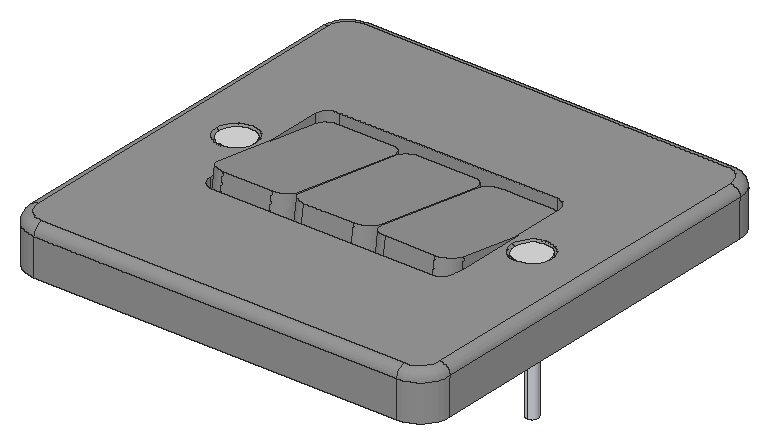
Revit family "ElectricalFixture_WiringAccessories_Hager_Sollysta_3Gang", category Lighting Fixtures, host Face, Revit 2015
Parameters (values of type "WMPS32")
  Warranty ID = ""
  Voltage (Volts) = "230V/240V"
  Unique Reference = "WMPS32"
  Type = "ElectricalFixture"
  Technical Description = "10AX3Gang2WayWallSwitch"
  Switch = yes
  Supply Phase = "1"
  Size = ""
  Shipping Weight kg = "0.188"
  Shape = "Rectangular"
  Reference Standard = "BS 1363-2"
  Product URL = "http://www.hager.co.uk/product-catalogue/wiring-accessories/sollysta/white-moulded/white-moulded-switches/58435.htm"
  Product Range = "Sollysta"
  Product Model Number = "WMPS32"
  Product Literature = "http://www.hager.co.uk/product-catalogue/wiring-accessories/sollysta/38662.htm"
  Product Group = "WiringAccessories"
  Product Family = "WhiteMouldedSwitches_10AXWallSwitches"
  Packaging Recyclable = yes
  Overall Width = Overall Length  # 86.0 mm
  Overall Length = 86.0 mm
  Overall Height = 86.0 mm
  Overall Depth = 26.07 mm
  Operation and Maintenance Manual = ""
  Name = "WhiteMouldedSwitches_10AXWallSwitches_WMPS32"
  Measurement Units = "mm"
  Material = Urea Formaldehyde Thermoset Plastic
  Manufacturer Website = "http://www.hager.co.uk/"
  Manufacturer Country = "United Kingdom"
  Manufacturer = "Hager"
  LED Indicator Switch = no
  Gross Weight kg = "0.165"
  Frequency = "50/60Hz"
  Finish = "Gloss"
  Features = "10AX3Gang2WayWallSwitch"
  Extrusion From Wall = 11.921 mm
  Expected Life = "25 years"
  EAN Code = "5015652260851"
  Design Country = "China"
  Description = "10AX3Gang2WayWallSwitch"
  Default Elevation = 1219.2 mm
  Colour = "SollystaWhite"
  CE Approval = yes
Reference planes
  plane 1 "Center (Front/Back)": y = 0
  plane 2: z = 0
  plane 3 "Center (Left/Right)": x = 0
  plane 4: y = -43
  plane 5: y = 43
  plane 6: x = -137
  plane 7: x = -51
  plane 8: z = 9.47
  plane 9: z = -16.6
  plane 10: z = 11.921
  plane 11: y = -471.393
  plane 12: z = -20.53
  plane 13: x = -124.15
  plane 14: x = -63.85
Forms (mm)
  Extrusion 1, solid, material "Urea Formaldehyde Thermoset Plastic", detail levels fine
    sketch origin (0, 0, 0) x (1, 0, 0) y (0, 1, 0)
      loop
        arc (-137, -37.005) -> (-135.244, -41.244) -> (-131.005, -43) r 5.995
        line (-131.005, -43) -> (-57.017, -43)
        arc (-57.017, -43) -> (-52.762, -41.238) -> (-51, -36.983) r 6.017
        line (-51, -36.983) -> (-51, 37.035)
        arc (-51, 37.035) -> (-52.747, 41.253) -> (-56.965, 43) r 5.965
        line (-56.965, 43) -> (-131.018, 43)
        arc (-131.018, 43) -> (-135.248, 41.248) -> (-137, 37.018) r 5.982
        line (-137, 37.018) -> (-137, -37.005)
      loop
        circle (-124.15, 0) r 3.228
      loop
        circle (-63.85, 0) r 3.228
      loop
        line (-116.216, -16.052) -> (-71.631, -16.052)
        arc (-71.631, -16.052) -> (-69.725, -15.262) -> (-68.936, -13.357) r 2.694
        line (-68.936, -13.357) -> (-68.936, 13.351)
        arc (-68.936, 13.351) -> (-69.737, 15.285) -> (-71.671, 16.086) r 2.735
        line (-71.671, 16.086) -> (-116.175, 16.086)
        arc (-116.175, 16.086) -> (-118.109, 15.285) -> (-118.91, 13.351) r 2.735
        line (-118.91, 13.351) -> (-118.91, -13.357)
        arc (-118.91, -13.357) -> (-118.121, -15.262) -> (-116.216, -16.052) r 2.694
    from 0 to 9.47
  Sweep 2, void
    path origin (0, 0, 0) x (1, 0, 0) y (0, 1, 0)
      loop
        line (-137, 37.018) -> (-137, -37.005)
        arc (-137, -37.005) -> (-135.244, -41.244) -> (-131.005, -43) r 5.995
        line (-131.005, -43) -> (-57.017, -43)
        arc (-57.017, -43) -> (-52.762, -41.238) -> (-51, -36.983) r 6.017
        line (-51, -36.983) -> (-51, 37.035)
        arc (-51, 37.035) -> (-52.747, 41.253) -> (-56.965, 43) r 5.965
        line (-56.965, 43) -> (-131.018, 43)
        arc (-131.018, 43) -> (-135.248, 41.248) -> (-137, 37.018) r 5.982
    profile origin (-137, 0.007, 0) x (1, 0, 0) y (0, 0, 1)
      loop
        line (0, 9.47) -> (0, 7.462)
        arc (0, 7.462) -> (0.588, 8.882) -> (2.008, 9.47) r 2.008
        line (2.008, 9.47) -> (0, 9.47)
  Sweep 3, void
    path origin (0, 0, 0) x (1, 0, 0) y (0, 1, 0)
      loop
        circle (-63.85, 0) r 3.228
    profile origin (-63.85, 3.228, 0) x (0, -1, 0) y (0, 0, 1)
      loop
        line (0, 9.47) -> (-0.814, 9.47)
        arc (-0.814, 9.47) -> (-0.347, 9.123) -> (0, 8.656) r 2
        line (0, 8.656) -> (0, 9.47)
  Sweep 4, void
    path origin (0, 0, 0) x (1, 0, 0) y (0, 1, 0)
      loop
        circle (-124.15, 0) r 3.228
    profile origin (-124.15, 3.228, 0) x (0, 1, 0) y (0, 0, 1)
      loop
        line (0, 9.47) -> (0, 8.656)
        arc (0, 8.656) -> (0.346, 9.124) -> (0.814, 9.47) r 1.964
        line (0.814, 9.47) -> (0, 9.47)
  Extrusion 5, solid, material "Steel, Chrome Plated", detail levels fine
    sketch origin (0, 0, 0) x (1, 0, 0) y (0, 1, 0)
      loop
        circle (-124.15, 0) r 3.542
    from -1.167 to 9.196
  Extrusion 6, solid, material "Steel, Chrome Plated", detail levels fine
    sketch origin (0, 0, 0) x (-1, 0, 0) y (0, -1, 0)
      loop
        circle (63.85, 0) r 3.542
    from -1.167 to 9.196
  Extrusion 7, solid, material "Urea Formaldehyde Thermoset Plastic", detail levels medium
    sketch origin (0, 0, 0) x (1, 0, 0) y (0, 1, 0)
      loop
        line (-137, 43) -> (-137, -43) -> (-51, -43) -> (-51, 43) -> (-137, 43)
    from 0 to 9.47
  Extrusion 8, solid
    sketch origin (-184.307, 0, -1.167) x (0, 1, 0) y (-1, 0, 0)
      loop
        circle (0, -60.15) r 1.2
    from 0 to 19.363
  Extrusion 9, solid
    sketch origin (0, 0, -1.167) x (0, -1, 0) y (1, 0, 0)
      loop
        circle (0, -63.85) r 1.2
    from 0 to 19.363
  Extrusion 10, solid, material "Urea Formaldehyde Thermoset Plastic", detail levels medium
    sketch origin (0, 0, 0) x (1, 0, 0) y (0, 1, 0)
      loop
        line (-137, -43) -> (-51, -43) -> (-51, 43) -> (-137, 43) -> (-137, -43)
    from 0 to 9.47
  Extrusion 11, solid, material "Urea Formaldehyde Thermoset Plastic", visible <- "Switch", detail levels fine
    sketch origin (-34.022, -20.33, 3.542) x (1, 0, 0) y (0, 0.987688, -0.156434)
      loop
        arc (-84.888, 7.974) -> (-83.952, 5.715) -> (-81.693, 4.78) r 3.194
        line (-81.693, 4.78) -> (-71.705, 4.78)
        arc (-71.705, 4.78) -> (-69.385, 5.741) -> (-68.424, 8.061) r 3.281
        line (-68.424, 8.061) -> (-68.424, 32.07)
        arc (-68.424, 32.07) -> (-69.393, 34.409) -> (-71.732, 35.378) r 3.308
        line (-71.732, 35.378) -> (-72.778, 35.378) -> (-77.654, 35.378) -> (-81.653, 35.378)
        arc (-81.653, 35.378) -> (-83.94, 34.431) -> (-84.888, 32.143) r 3.235
        line (-84.888, 32.143) -> (-84.888, 7.974)
    from 0 to 9.42
  Extrusion 12, solid, material "Urea Formaldehyde Thermoset Plastic", visible <- "Switch", detail levels fine
    sketch origin (-17.558, -20.33, 3.542) x (1, 0, 0) y (0, 0.987688, -0.156434)
      loop
        arc (-84.702, 7.974) -> (-83.766, 5.715) -> (-81.508, 4.78) r 3.194
        line (-81.508, 4.78) -> (-71.383, 4.78)
        arc (-71.383, 4.78) -> (-69.063, 5.741) -> (-68.102, 8.061) r 3.281
        line (-68.102, 8.061) -> (-68.102, 32.07)
        arc (-68.102, 32.07) -> (-69.071, 34.409) -> (-71.41, 35.378) r 3.308
        line (-71.41, 35.378) -> (-72.778, 35.378) -> (-77.654, 35.378) -> (-81.467, 35.378)
        arc (-81.467, 35.378) -> (-83.754, 34.431) -> (-84.702, 32.143) r 3.235
        line (-84.702, 32.143) -> (-84.702, 7.974)
    from 0 to 9.42
  Extrusion 13, solid, material "Urea Formaldehyde Thermoset Plastic", visible <- "Switch", detail levels fine
    sketch origin (-0.512, -20.575, 3.581) x (1, 0, 0) y (0, 0.987688, -0.156434)
      loop
        arc (-84.888, 7.974) -> (-83.952, 5.715) -> (-81.693, 4.78) r 3.194
        line (-81.693, 4.78) -> (-71.705, 4.78)
        arc (-71.705, 4.78) -> (-69.385, 5.741) -> (-68.424, 8.061) r 3.281
        line (-68.424, 8.061) -> (-68.424, 32.07)
        arc (-68.424, 32.07) -> (-69.393, 34.409) -> (-71.732, 35.378) r 3.308
        line (-71.732, 35.378) -> (-72.778, 35.378) -> (-77.654, 35.378) -> (-81.653, 35.378)
        arc (-81.653, 35.378) -> (-83.94, 34.431) -> (-84.888, 32.143) r 3.235
        line (-84.888, 32.143) -> (-84.888, 7.974)
    from 0 to 9.42
Cuts and joins
  Sweep 2, Sweep 3, Sweep 4 cuts Extrusion 1
Lines and regions (mm)
  symbolic lines, not visible, detail levels coarse
    curve 1: line (73.42, -504.912, 19.451) -> (3.42, -504.912, 19.451)
    curve 2: arc (73.42, -504.912, 19.451) -> (38.42, -504.912, 54.451) -> (3.42, -504.912, 19.451) r 35
    curve 3: circle (38.42, -504.912, 54.451) r 6 normal (0, 1, 0)
    curve 4: line (38.42, -504.912, 54.451) -> (38.42, -504.912, 99.451)
    curve 5: line (38.42, -504.912, 99.451) -> (68.42, -504.912, 99.451)
    curve 6: line (38.42, -504.912, 54.451) -> (10.78, -504.912, 87.391)
    curve 7: line (10.78, -504.912, 87.391) -> (-3.315, -504.912, 75.564)
    curve 8: line (0.509, -504.912, 19.451) -> (-69.491, -504.912, 19.451)
    curve 9: arc (0.509, -504.912, 19.451) -> (-34.491, -504.912, 54.451) -> (-69.491, -504.912, 19.451) r 35
    curve 10: circle (-34.491, -504.912, 54.451) r 6 normal (0, 1, 0)
    curve 11: line (-34.491, -504.912, 54.451) -> (-34.491, -504.912, 99.451)
    curve 12: line (-34.491, -504.912, 99.451) -> (-4.491, -504.912, 99.451)
    curve 13: line (-34.491, -504.912, 54.451) -> (-62.13, -504.912, 87.391)
    curve 14: line (-62.13, -504.912, 87.391) -> (-76.226, -504.912, 75.564)
  model lines, detail levels coarse
    curve 15: line (-137, 43, 0) -> (-51, 43, 0)
    curve 16: line (-137, -43, 0) -> (-137, 43, 0)
    curve 17: line (-51, -43, 0) -> (-137, -43, 0)
    curve 18: line (-51, 43, 0) -> (-51, -43, 0)
    curve 19: arc (-120.108, 0, 0) -> (-124.15, -4.042, 0) -> (-128.192, 0, 0) r 4.042
    curve 20: arc (-128.192, 0, 0) -> (-124.15, 4.042, 0) -> (-120.108, 0, 0) r 4.042
    curve 21: arc (-59.808, 0, 0) -> (-63.85, -4.042, 0) -> (-67.892, 0, 0) r 4.042
    curve 22: arc (-67.892, 0, 0) -> (-63.85, 4.042, 0) -> (-59.808, 0, 0) r 4.042
    curve 23: line (-116.87, -10.784, 0) -> (-116.87, 12.337, 0)
    curve 24: arc (-116.87, 12.337, 0) -> (-115.772, 14.988, 0) -> (-113.121, 16.086, 0) r 3.749
    curve 25: line (-113.121, 16.086, 0) -> (-105.441, 16.086, 0)
    curve 26: arc (-105.441, 16.086, 0) -> (-102.738, 14.967, 0) -> (-101.618, 12.264, 0) r 3.823
    curve 27: line (-101.618, 12.264, 0) -> (-101.618, -10.698, 0)
    curve 28: arc (-101.618, -10.698, 0) -> (-102.73, -13.381, 0) -> (-105.413, -14.493, 0) r 3.795
    curve 29: line (-105.413, -14.493, 0) -> (-113.161, -14.493, 0)
    curve 30: arc (-113.161, -14.493, 0) -> (-115.784, -13.407, 0) -> (-116.87, -10.784, 0) r 3.709
    curve 31: line (-71.127, -10.784, 0) -> (-71.127, 12.337, 0)
    curve 32: arc (-71.127, 12.337, 0) -> (-72.225, 14.988, 0) -> (-74.877, 16.086, 0) r 3.749
    curve 33: line (-74.877, 16.086, 0) -> (-82.557, 16.086, 0)
    curve 34: arc (-82.557, 16.086, 0) -> (-85.26, 14.967, 0) -> (-86.379, 12.264, 0) r 3.823
    curve 35: line (-86.379, 12.264, 0) -> (-86.379, -10.698, 0)
    curve 36: arc (-86.379, -10.698, 0) -> (-85.268, -13.381, 0) -> (-82.584, -14.493, 0) r 3.795
    curve 37: line (-82.584, -14.493, 0) -> (-74.836, -14.493, 0)
    curve 38: arc (-74.836, -14.493, 0) -> (-72.214, -13.407, 0) -> (-71.127, -10.784, 0) r 3.709
    curve 39: line (-104.826, -10.784, 0) -> (-104.826, 12.337, 0)
    curve 40: arc (-104.826, 12.337, 0) -> (-103.728, 14.988, 0) -> (-101.077, 16.086, 0) r 3.749
    curve 41: line (-101.077, 16.086, 0) -> (-87.015, 16.086, 0)
    curve 42: arc (-87.015, 16.086, 0) -> (-84.312, 14.967, 0) -> (-83.192, 12.264, 0) r 3.823
    curve 43: line (-83.192, 12.264, 0) -> (-83.192, -10.698, 0)
    curve 44: arc (-83.192, -10.698, 0) -> (-84.304, -13.381, 0) -> (-86.987, -14.493, 0) r 3.795
    curve 45: line (-86.987, -14.493, 0) -> (-101.117, -14.493, 0)
    curve 46: arc (-101.117, -14.493, 0) -> (-103.74, -13.407, 0) -> (-104.826, -10.784, 0) r 3.709
  symbolic lines, detail levels coarse
    curve 47: circle (-49.455, -504.912, 16.617) r 13.061 normal (0, -1, 0)
    curve 48: line (-62.51, -504.912, 17.014) -> (-144.721, -504.912, 17.014)
Dimensions and locks
  plane 10 to plane 9 = 28.521 mm
  plane 8 to plane 9 = 26.07 mm
  plane 2 to plane 9 = 16.6 mm
  "Overall Length": plane 6 to plane 7
  "Overall Height": plane 4 to plane 5
  "Overall Depth": plane 9 to plane 8
  plane 2 to plane 10 = 11.921 mm
  plane 8 to plane 12 = 30.0 mm
  aligned and locked: plane 2 to host face
  aligned and locked: level to host face
  aligned and locked: Extrusion 1 to plane 8
  aligned and locked: Extrusion 7 to plane 8
  aligned and locked: Extrusion 6 to Extrusion 8
  aligned and locked: Extrusion 9 to Extrusion 5
  aligned and locked: plane 12 to Extrusion 9
  aligned and locked: Extrusion 10 to plane 8
  aligned and locked: Extrusion 10 to level
Automatic sketch dimensions
  plane 13 to curve 23 = 7.28 mm
  curve 23 to curve 30 = 3.709 mm
  curve 24 to curve 25 = 3.749 mm
  curve 24 to curve 25 = 7.68 mm
  curve 30 to curve 28 = 7.748 mm
  curve 28 to curve 39 = 0.588 mm
  curve 39 to curve 27 = 3.208 mm
  curve 27 to curve 45 = 0.501 mm
  curve 27 to curve 40 = 0.541 mm
  curve 40 to curve 41 = 14.062 mm
  curve 46 to curve 44 = 14.13 mm
  curve 44 to curve 35 = 0.608 mm
  curve 34 to curve 43 = 3.187 mm
  curve 44 to curve 36 = 0.608 mm
  curve 42 to curve 34 = 0.635 mm
  curve 34 to curve 32 = 7.68 mm
  curve 36 to curve 38 = 7.748 mm
  curve 32 to curve 31 = 3.749 mm
  plane 1 "Center (Front/Back)" to curve 29 = 14.493 mm
  curve 45 to curve 27 = 3.795 mm
  curve 37 to curve 43 = 3.795 mm
  curve 26 to plane 1 "Center (Front/Back)" = 12.264 mm
  curve 43 to plane 1 "Center (Front/Back)" = 12.264 mm
  curve 42 to curve 35 = 0.0 mm
  host sketch curve to host sketch curve = 2438.4 mm  (x2)
  Extrusion 1 sketch curve to plane 6 = 0.0 mm
  plane 5 to Extrusion 1 sketch curve = 0.0 mm
  plane 4 to Extrusion 1 sketch curve = 0.0 mm
  plane 1 "Center (Front/Back)" to Extrusion 1 sketch curve = 0.0 mm  (x2)
  Extrusion 1 sketch curve to plane 13 = 0.0 mm
  Extrusion 1 sketch curve to plane 14 = 0.0 mm
  plane 6 to Extrusion 1 sketch curve = 5.982 mm
  plane 6 to Extrusion 1 sketch curve = 5.995 mm
  plane 13 to Extrusion 1 sketch curve = 5.24 mm
  Extrusion 1 sketch curve to Extrusion 1 sketch curve = 2.694 mm  (x2)
  Extrusion 1 sketch curve to Extrusion 1 sketch curve = 2.735 mm
  Extrusion 1 sketch curve to plane 14 = 7.821 mm
  Extrusion 1 sketch curve to plane 14 = 7.781 mm
  Extrusion 1 sketch curve to plane 7 = 6.017 mm
  Extrusion 1 sketch curve to plane 7 = 5.965 mm
  plane 7 to Extrusion 1 sketch curve = 0.0 mm
  plane 1 "Center (Front/Back)" to Extrusion 1 sketch curve = 16.052 mm
  Extrusion 1 sketch curve to plane 1 "Center (Front/Back)" = 13.351 mm
  Sweep 2 sketch curve to plane 6 = 0.0 mm
  plane 5 to Sweep 2 sketch curve = 0.0 mm
  plane 4 to Sweep 2 sketch curve = 0.0 mm
  Sweep 2 sketch curve to Sweep 2 sketch curve = 5.982 mm
  plane 6 to Sweep 2 sketch curve = 5.995 mm
  Sweep 2 sketch curve to plane 7 = 6.017 mm
  Sweep 2 sketch curve to plane 7 = 5.965 mm
  plane 7 to Sweep 2 sketch curve = 0.0 mm
  plane 1 "Center (Front/Back)" to Sweep 3 sketch curve = 0.0 mm
  Sweep 3 sketch curve to plane 14 = 0.0 mm
  Sweep 4 sketch curve to Sweep 4 sketch curve = 0.0 mm  (x2)
  plane 1 "Center (Front/Back)" to Sweep 4 sketch curve = 0.0 mm
  Sweep 4 sketch curve to plane 13 = 0.0 mm
  Sweep 4 sketch curve to plane 13 = 3.228 mm
  Extrusion 5 sketch curve to Extrusion 5 sketch curve = 0.0 mm  (x2)
  plane 1 "Center (Front/Back)" to Extrusion 5 sketch curve = 0.0 mm
  Extrusion 5 sketch curve to plane 13 = 0.0 mm
  Extrusion 5 sketch curve to plane 13 = 3.542 mm
  Extrusion 6 sketch curve to Extrusion 6 sketch curve = 0.0 mm  (x2)
  plane 1 "Center (Front/Back)" to Extrusion 6 sketch curve = 0.0 mm
  plane 14 to Extrusion 6 sketch curve = 0.0 mm
  Extrusion 6 sketch curve to plane 14 = 3.542 mm
  plane 4 to Extrusion 7 sketch curve = 0.0 mm
  Extrusion 7 sketch curve to plane 6 = 0.0 mm
  Extrusion 7 sketch curve to plane 7 = 0.0 mm
  plane 5 to Extrusion 7 sketch curve = 0.0 mm
  plane 5 to Extrusion 10 sketch curve = 0.0 mm
  Extrusion 10 sketch curve to plane 6 = 0.0 mm
  Extrusion 10 sketch curve to plane 7 = 0.0 mm
  plane 4 to Extrusion 10 sketch curve = 0.0 mm
  curve 19 to curve 20 = 0.0 mm  (x2)
  curve 21 to curve 22 = 0.0 mm  (x2)
  plane 4 to curve 17 = 0.0 mm
  curve 17 to plane 6 = 0.0 mm
  plane 1 "Center (Front/Back)" to curve 19 = 0.0 mm
  curve 20 to plane 13 = 0.0 mm
  plane 1 "Center (Front/Back)" to curve 21 = 0.0 mm
  curve 22 to plane 14 = 0.0 mm
  curve 17 to plane 7 = 0.0 mm
  plane 5 to curve 16 = 0.0 mm
  curve 19 to plane 13 = 4.042 mm
  curve 21 to curve 21 = 4.042 mm
  plane 13 to Extrusion 11 sketch curve = 5.24 mm
  Extrusion 11 sketch curve to Extrusion 11 sketch curve = 3.194 mm
  Extrusion 11 sketch curve to Extrusion 11 sketch curve = 3.235 mm
  Extrusion 11 sketch curve to Extrusion 11 sketch curve = 3.999 mm
  Extrusion 11 sketch curve to Extrusion 11 sketch curve = 4.875 mm
  Extrusion 11 sketch curve to Extrusion 11 sketch curve = 1.046 mm
  Extrusion 11 sketch curve to Extrusion 11 sketch curve = 9.989 mm
  Extrusion 11 sketch curve to Extrusion 11 sketch curve = 3.281 mm
  Extrusion 11 sketch curve to Extrusion 11 sketch curve = 24.009 mm
  plane 13 to Extrusion 12 sketch curve = 21.89 mm
  Extrusion 12 sketch curve to Extrusion 12 sketch curve = 3.194 mm
  Extrusion 12 sketch curve to Extrusion 12 sketch curve = 3.235 mm
  Extrusion 12 sketch curve to Extrusion 12 sketch curve = 3.813 mm
  Extrusion 12 sketch curve to Extrusion 12 sketch curve = 4.875 mm
  Extrusion 12 sketch curve to Extrusion 12 sketch curve = 1.368 mm
  Extrusion 12 sketch curve to Extrusion 12 sketch curve = 10.124 mm
  Extrusion 12 sketch curve to Extrusion 12 sketch curve = 3.281 mm
  Extrusion 12 sketch curve to Extrusion 12 sketch curve = 24.009 mm
  Extrusion 13 sketch curve to plane 14 = 21.55 mm
  Extrusion 13 sketch curve to Extrusion 13 sketch curve = 3.194 mm
  Extrusion 13 sketch curve to Extrusion 13 sketch curve = 3.235 mm
  Extrusion 13 sketch curve to Extrusion 13 sketch curve = 3.999 mm
  Extrusion 13 sketch curve to Extrusion 13 sketch curve = 4.875 mm
  Extrusion 13 sketch curve to Extrusion 13 sketch curve = 1.046 mm
  Extrusion 13 sketch curve to plane 14 = 8.367 mm
  Extrusion 13 sketch curve to Extrusion 13 sketch curve = 3.281 mm
  Extrusion 13 sketch curve to Extrusion 13 sketch curve = 24.009 mm
  profile plane to Sweep 2 sketch curve = 0.0 mm
  Sweep 2 sketch curve to Sweep 2 sketch curve = 2.008 mm
  level to Sweep 2 sketch curve = 7.462 mm
  Sweep 3 sketch curve to profile plane = 0.0 mm
  Sweep 3 sketch curve to Sweep 3 sketch curve = 0.814 mm
  profile plane to Sweep 3 sketch curve = 1.761 mm
  level to Sweep 3 sketch curve = 7.709 mm
  Sweep 3 sketch curve to Sweep 3 sketch curve = 0.947 mm
  Sweep 4 sketch curve to profile plane = 0.0 mm
  Sweep 4 sketch curve to profile plane = 0.814 mm
  Sweep 4 sketch curve to profile plane = 1.735 mm
  level to Sweep 4 sketch curve = 7.735 mm
  Sweep 4 sketch curve to Sweep 4 sketch curve = 0.921 mm
  plane 7 to curve 47 = 1.545 mm
  curve 47 to plane 10 = 4.696 mm
  plane 14 to curve 48 = 1.34 mm
  curve 48 to plane 6 = 7.721 mm
  curve 48 to plane 10 = 5.094 mm
  radius of Extrusion 1 sketch curve = 3.228 mm  (x2)
  radius of Sweep 3 sketch curve = 3.228 mm
  radius of Extrusion 8 sketch curve = 1.2 mm
  radius of Extrusion 9 sketch curve = 1.2 mm
Connectors
  electrical at (-94.001, 0.008, 0)
    settings: on cut or joined group of Extrusion 1, Sweep 2, Sweep 3, Sweep 4, index 1, voltage 230 V, apparent load 0 VA, apparent load phase1 0 VA, apparent load phase2 0 VA, apparent load phase3 0 VA, power factor 1, load classification "Other", number of poles 1, system type 31, power factor state 1, is connector primary yes, connector utility no, sub classification motor no, connector description ""
